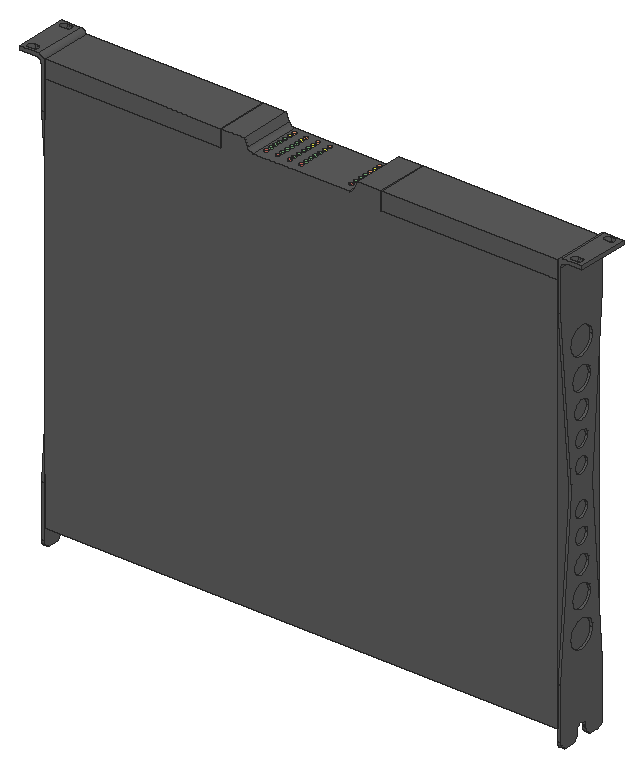
Revit family "Electronics_Community_Biamp_Dante-Amplified-Loudspeaker-Controllers_ALC-3202D", category Communication Devices, host Face, Revit 2020
Family settings
  Host = Face
  Maintain Annotation Orientation = No
  Round Connector Dimension = Use Diameter
  Part Type = Normal
  OmniClass Number = 23.85.10.11.14
  OmniClass Title = Audio Equipment
  Cut with Voids When Loaded = No
  Shared = No
  Room Calculation Point = No
Parameters (values of type "ALC-3202D")
  Width = 442 mm  # constant formula
  Weight = 17.20 lbf  # constant formula
  Voltage = 240 V
  Version = 1
  URL = "https://www.biamp.com/"
  THD+N (from 0.1 W to Full Power) = "< 0.1% (typical < 0.05%)"  # constant formula
  Supported Topologies = "Star"  # constant formula
  Standards Compliance = "Auto-sensing Fast Ethernet (IEEE 802.3u, 100 Mbit/s)"  # constant formula
  Slew Rate = "> 50 V/ μs @ 8Ω, input flter bypassed"  # constant formula
  Signal-to-Noise Ratio 20 Hz- 20 kHz @ 8Ω = ">111 dB(A)"  # constant formula
  Shipping Weight = 25.00 lbf  # constant formula
  Sample Rate Converter = "24-bit @ 44.1 kHz to 192 kHz 140 dB Dynamic Range - 0.0001 % THD+N"  # constant formula
  Remote Interface = "ArmoníaPlus® System Manager"  # constant formula
  Product data url = "https://bimobject.com/biamp/product/alc-3202d_community-amplified-loudspeaker-controller"
  Product Page URL = "https://www.biamp.com/products/product-families/community/amplified-loudspeaker-controllers#alc-3202d"
  Product Documentation Link = "https://downloads.biamp.com/assets/docs/default-source/data-sheets/biamp_data_sheet_community_alc_series_dec21.pdf"
  Power Factor = 1
  Output Channels = "2 Hi-Z or Lo-Z (bridgeable per ch. pair)"  # constant formula
  Operating Voltage = "60-264 V (with reduced power below 90 V)"  # constant formula
  Open control panel [instance] = not(Closed control panel)  # no
  Number of Poles = 1
  Nominal Voltage (± 10%) = "100-240 V @ 50-60Hz"  # constant formula
  Model = "ALC-3202D"  # constant formula
  Memory/Presets = "128 MB (RAM) plus 512 MB fash for presets"  # constant formula
  Maximum Input Level = "20 dBu"  # constant formula
  Max Power Consumption = 755 W
  Manufacturer = "Biamp"  # constant formula
  Limiters = "TruePower™, RMS voltage,RMS current, Peak limiter"  # constant formula
  Latency = "2.5 ms fxed latency architecture"  # constant formula
  Internal Precision = "32-bit foating point"  # constant formula
  Input Sens @8Ω = "26 dB - 5.03, 29 dB - 3.56; 32 dB - 2.52; 35 dB - 1.79"  # constant formula
  Input Impedance = "20 kΩ balanced"  # constant formula
  Input Channels = "Analog - 2;Dante - 2"  # constant formula
  IMD (from 0.1 W to Full Power) = "< 0.05%"  # constant formula
  Housing Material = Biamp - Metal - Black
  Height = 44 mm  # constant formula
  Frequency Response = "20 Hz - 20 kHz ±0.5 dB, 1 W @ 8Ω"  # constant formula
  Equalizer = "Raised-cosine, custom FIR, parametric IIR:peaking, hi/lo-shelving, all-pass, band-pass, band-stop, hi/lo-pass"  # constant formula
  Description = "Amplified Loudspeaker Controllers 2-Channel Units With DSP And Dante®"  # constant formula
  Depth = 373 mm  # constant formula
  Delay = "2 s (input) + 100 ms (output) for signal alignment"  # constant formula
  Date Updated = ""
  Date Created = "2023/08/21"
  Damping Factor = "> 500 @ 8Ω, 20 Hz - 100 Hz"  # constant formula
  Damping Control = "Active DampingControl™ and LiveImpedance™ measurement"  # constant formula
  DA Converters = "24-bit Tandem™ @ 48 kHz 117 dB(A) Dynamic Range - 0.003 % THD+N"  # constant formula
  Crosstalk (1 kHz) = " -70 dB"  # constant formula
  Crossover = "Linear phase (FIR), Butterworth, Linkwitz-Riley, Bessel: 6 dB/oct to 48 dB/oct (IIR)"  # constant formula
  Connector Description = "100-240 VAC, 50/60 Hz"  # constant formula
  Closed control panel [instance] = yes
  Default Elevation = 1219.2 mm
  Apparent Load = Max Power Consumption / Power Factor  # 755 VA
  Ambient Relative Humidity = "0-95% (non-condensing)"  # constant formula
  Ambient Operating Temperature = "0° - 45° C;  32° - 113° F"  # constant formula
  AD Converters = "24-bit Tandem™ @ 48 kHz 125 dB(A) Dynamic Range - 0.005 % THD+N"  # constant formula
  AC Mains Connector = "IEC C20 inlet (20 A max) Region-specifc power cord provided"  # constant formula
Reference planes
  plane 1 "Center (Front/Back)": y = 0
  plane 2: z = 0
  plane 3 "Center (Left/Right)": x = 0
Forms (mm)
  Extrusion 1, solid, material "Biamp - Metal - Black" <- "Housing Material", detail levels coarse
    sketch origin (13.283, -17.315, 0) x (1, 0, 0) y (0, 0, 1)
      loop
        line (-3, 0) -> (-3, -373) -> (0, -373) -> (0, 3) -> (-21, 3) -> (-21, 0) -> (-3, 0)
      loop
        line (439, 0) -> (457, 0) -> (457, 3) -> (436, 3) -> (436, -373) -> (439, -373) -> (439, 0)
    from -22 to 22
  Extrusion 2, void
    sketch origin (13.283, -17.315, 0) x (1, 0, 0) y (0, 1, 0)
      loop
        arc (-15.029, 20.217) -> (-17.932, 17.315) -> (-15.029, 14.412) r 2.903
        line (-15.029, 14.412) -> (-11.537, 14.412)
        arc (-11.537, 14.412) -> (-8.634, 17.315) -> (-11.537, 20.217) r 2.903
        line (-11.537, 20.217) -> (-15.029, 20.217)
      loop
        line (-15.029, -20.217) -> (-11.537, -20.217)
        arc (-11.537, -20.217) -> (-8.634, -17.315) -> (-11.537, -14.412) r 2.903
        line (-11.537, -14.412) -> (-15.029, -14.412)
        arc (-15.029, -14.412) -> (-17.932, -17.315) -> (-15.029, -20.217) r 2.903
      loop
        line (451.029, 20.217) -> (447.537, 20.217)
        arc (447.537, 20.217) -> (444.634, 17.315) -> (447.537, 14.412) r 2.903
        line (447.537, 14.412) -> (451.029, 14.412)
        arc (451.029, 14.412) -> (453.932, 17.315) -> (451.029, 20.217) r 2.903
      loop
        arc (451.029, -20.217) -> (453.932, -17.315) -> (451.029, -14.412) r 2.903
        line (451.029, -14.412) -> (447.537, -14.412)
        arc (447.537, -14.412) -> (444.634, -17.315) -> (447.537, -20.217) r 2.903
        line (447.537, -20.217) -> (451.029, -20.217)
    from -10.498 to 3
  Extrusion 3, solid, material "Biamp - Metal - Black" <- "Housing Material", detail levels medium+fine
    sketch origin (13.283, -17.315, 0) x (1, 0, 0) y (0, 0, 1)
      loop
        line (-3, -5) -> (-3, -373) -> (0, -373) -> (0, -2)
        arc (0, -2) -> (-1.464, 1.536) -> (-5, 3) r 5
        line (-5, 3) -> (-21, 3) -> (-21, 0) -> (-8, 0)
        arc (-8, 0) -> (-4.464, -1.464) -> (-3, -5) r 5
      loop
        arc (439, -5) -> (440.464, -1.464) -> (444, 0) r 5
        line (444, 0) -> (457, 0) -> (457, 3) -> (441, 3)
        arc (441, 3) -> (437.464, 1.536) -> (436, -2) r 5
        line (436, -2) -> (436, -373) -> (439, -373) -> (439, -5)
    from -22 to 22
  Extrusion 4, void
    sketch origin (0, 0, 0) x (0, 1, 0) y (0, 0, 1)
      loop
        arc (4.685, -40) -> (-6.911, -181.5) -> (4.685, -323) r 869.15
        line (4.685, -323) -> (4.685, -40)
      loop
        line (-39.315, -40) -> (-39.315, -323)
        arc (-39.315, -323) -> (-27.719, -181.5) -> (-39.315, -40) r 869.15
      loop
        circle (-17.315, -164.722) r 7
      loop
        circle (-17.315, -144.465) r 7
      loop
        circle (-17.315, -122.509) r 8
      loop
        circle (-17.315, -98.493) r 10
      loop
        circle (-17.315, -69.752) r 12
      loop
        circle (-17.315, -198.278) r 7
      loop
        circle (-17.315, -218.535) r 7
      loop
        circle (-17.315, -240.491) r 8
      loop
        circle (-17.315, -264.507) r 10
      loop
        circle (-17.315, -293.248) r 12
      loop
        arc (-33.315, -373) -> (-37.558, -371.243) -> (-39.315, -367) r 6
        line (-39.315, -367) -> (-39.315, -375.253) -> (4.685, -375.253) -> (4.685, -367)
        arc (4.685, -367) -> (2.928, -371.243) -> (-1.315, -373) r 6
        line (-1.315, -373) -> (-6.315, -373)
        arc (-6.315, -373) -> (-10.558, -371.243) -> (-12.315, -367) r 6
        line (-12.315, -367) -> (-12.315, -365.5)
        arc (-12.315, -365.5) -> (-17.315, -360.5) -> (-22.315, -365.5) r 5
        line (-22.315, -365.5) -> (-22.315, -367)
        arc (-22.315, -367) -> (-24.072, -371.243) -> (-28.315, -373) r 6
        line (-28.315, -373) -> (-33.315, -373)
    from 0 to 452.283
  Extrusion 5, solid, material "Biamp - Metal - Black" <- "Housing Material"
    sketch origin (0, 0, 0) x (1, 0, 0) y (0, 0, 1)
      loop
        line (13.283, -15) -> (13.283, -357) -> (449.283, -357) -> (449.283, -15) -> (299.283, -15) -> (299.283, 0) -> (279.283, 0) -> (276.679, -6.444)
        arc (276.679, -6.444) -> (274.839, -8.716) -> (272.043, -9.571) r 5
        line (272.043, -9.571) -> (190.522, -9.571)
        arc (190.522, -9.571) -> (187.727, -8.716) -> (185.887, -6.444) r 5
        line (185.887, -6.444) -> (183.283, 0) -> (163.283, 0) -> (163.283, -15) -> (13.283, -15)
    from -4.685 to 39.315
  Extrusion 6, void
    sketch origin (0, 0, 0) x (1, 0, 0) y (0, 0, 1)
      loop
        line (13.283, -15) -> (13.283, -23.75) -> (49.418, -23.75)
        arc (49.418, -23.75) -> (57.218, -21.357) -> (62.334, -15) r 13.908
        line (62.334, -15) -> (13.283, -15)
    from 2.903 to 31.727
  Extrusion 7, solid, material "Biamp - Metal - Black" <- "Housing Material"
    sketch origin (449.283, -17.315, 3) x (0, 0, -1) y (0, -1, 0)
      loop
        line (18, -22) -> (18, -21) -> (4, -21) -> (4, 21) -> (18, 21) -> (18, 22) -> (3, 22) -> (3, -22) -> (18, -22)
    from 0 to 150
  Extrusion 8, void
    sketch origin (13.283, 0, -23.75) x (1, 0, 0) y (0, 1, 0)
      loop
        line (19.04, -19.656) -> (19.04, -27.656) -> (31.04, -27.656) -> (31.04, -19.656) -> (19.04, -19.656)
    from -3.386 to 0
  Extrusion 9, solid, material "Biamp - Metal - Black" <- "Housing Material", visible <- "Closed control panel"
    sketch origin (13.283, -17.315, 3) x (0, 0, -1) y (0, 1, 0)
      loop
        line (18, 22) -> (3, 22) -> (3, -22) -> (18, -22) -> (18, -21) -> (4, -21) -> (4, 21) -> (18, 21) -> (18, 22)
    from 0 to 150
  Extrusion 10, solid, material "Biamp - Plastic - Blue"
    sketch origin (18.908, 0, -15) x (1, 0, 0) y (0, 1, 0)
      loop
        circle (68.38, -26.221) r 5
      loop
        circle (82.13, -26.221) r 5
    from -1.651 to 1
  Extrusion 11, void
    sketch origin (93.283, 0, -357) x (0, 1, 0) y (1, 0, 0)
      loop
        line (-8.944, 340.535) -> (-25.686, 340.535)
        arc (-25.686, 340.535) -> (-29.221, 339.07) -> (-30.686, 335.535) r 5
        line (-30.686, 335.535) -> (-30.686, 313.66)
        arc (-30.686, 313.66) -> (-29.221, 310.124) -> (-25.686, 308.66) r 5
        line (-25.686, 308.66) -> (-8.944, 308.66)
        arc (-8.944, 308.66) -> (-5.408, 310.124) -> (-3.944, 313.66) r 5
        line (-3.944, 313.66) -> (-3.944, 335.535)
        arc (-3.944, 335.535) -> (-5.408, 339.07) -> (-8.944, 340.535) r 5
      loop
        line (-19.863, -58.78) -> (-19.863, -38.78) -> (-34.863, -38.78) -> (-34.863, -58.78) -> (-19.863, -58.78)
      loop
        line (-19.863, -24.895) -> (-19.863, -4.895) -> (-34.863, -4.895) -> (-34.863, -24.895) -> (-19.863, -24.895)
      loop
        line (-11.738, 53.136) -> (-11.738, 24.636)
        arc (-11.738, 24.636) -> (-12.324, 23.222) -> (-13.738, 22.636) r 2
        line (-13.738, 22.636) -> (-25.757, 22.636)
        arc (-25.757, 22.636) -> (-27.171, 23.222) -> (-27.757, 24.636) r 2
        line (-27.757, 24.636) -> (-27.757, 53.136)
        arc (-27.757, 53.136) -> (-27.171, 54.55) -> (-25.757, 55.136) r 2
        line (-25.757, 55.136) -> (-13.813, 55.136)
        arc (-13.813, 55.136) -> (-12.399, 54.55) -> (-11.813, 53.136) r 2
      loop
        line (-21.752, 162.208) -> (-21.752, 133.708)
        arc (-21.752, 133.708) -> (-22.337, 132.294) -> (-23.752, 131.708) r 2
        line (-23.752, 131.708) -> (-33.895, 131.708)
        arc (-33.895, 131.708) -> (-35.31, 132.294) -> (-35.895, 133.708) r 2
        line (-35.895, 133.708) -> (-35.895, 162.208)
        arc (-35.895, 162.208) -> (-35.31, 163.622) -> (-33.895, 164.208) r 2
        line (-33.895, 164.208) -> (-23.826, 164.208)
        arc (-23.826, 164.208) -> (-22.412, 163.622) -> (-21.826, 162.208) r 2
    from -7.387 to 0
  Sweep 12, solid, material "Biamp - Plastic - Blue"
    path in 3D
      loop
        arc (433.818, -25.686, -349.613) -> (432.353, -29.221, -349.613) -> (428.818, -30.686, -349.613) r 5
        line (428.818, -30.686, -349.613) -> (406.943, -30.686, -349.613)
        arc (406.943, -30.686, -349.613) -> (403.407, -29.221, -349.613) -> (401.943, -25.686, -349.613) r 5
        line (401.943, -25.686, -349.613) -> (401.943, -8.944, -349.613)
        arc (401.943, -8.944, -349.613) -> (403.407, -5.408, -349.613) -> (406.943, -3.944, -349.613) r 5
        line (406.943, -3.944, -349.613) -> (428.818, -3.944, -349.613)
        arc (428.818, -3.944, -349.613) -> (432.353, -5.408, -349.613) -> (433.818, -8.944, -349.613) r 5
        line (433.818, -8.944, -349.613) -> (433.818, -25.686, -349.613)
    profile origin (433.818, -17.315, -349.613) x (-1, 0, 0) y (0, 0, -1)
      loop
        line (0, 0) -> (0.894, 0) -> (0.894, 9.233) -> (-0.711, 9.233)
        arc (-0.711, 9.233) -> (-1.86, 8.654) -> (-2.078, 7.387) r 1.429
        line (-2.078, 7.387) -> (0, 7.387) -> (0, 0)
  Extrusion 13, solid, material "Biamp - Plastic - Green"
    sketch origin (93.283, 0, -357) x (0, 1, 0) y (1, 0, 0)
      loop
        line (-8.613, -58.78) -> (-1.039, -58.78) -> (-1.039, -31.838) -> (-8.613, -31.838) -> (-8.613, -58.78)
    from 0 to 3
  Extrusion 14, solid, material "Biamp - Plastic - Green"
    sketch origin (87.446, 0, -357) x (0, -1, 0) y (-1, 0, 0)
      loop
        line (8.613, -54.585) -> (8.613, -34.86) -> (1.039, -34.86) -> (1.039, -54.585) -> (8.613, -54.585)
    from 0 to 3
  Extrusion 15, solid, material "Biamp - Plastic - Green"
    sketch origin (127.496, -5.13, -357) x (0, -1, 0) y (-1, 0, 0)
      loop
        line (8.613, -58.78) -> (8.613, -31.838) -> (1.039, -31.838) -> (1.039, -58.78) -> (8.613, -58.78)
    from 0 to 3
  Extrusion 16, solid, material "Biamp - Plastic - Green"
    sketch origin (127.496, -20.13, -357) x (0, -1, 0) y (-1, 0, 0)
      loop
        line (8.613, -58.78) -> (8.613, -31.838) -> (1.039, -31.838) -> (1.039, -58.78) -> (8.613, -58.78)
    from 0 to 3
  Extrusion 17, solid, material "Biamp - Plastic - Green"
    sketch origin (191.245, -2.513, -357) x (0, -1, 0) y (-1, 0, 0)
      loop
        line (14.863, -68.155) -> (14.863, -31.838) -> (1.039, -31.838) -> (1.039, -68.155) -> (14.863, -68.155)
    from 0 to 3
  Extrusion 18, void
    sketch origin (319.472, -15.155, -357) x (0, -1, 0) y (-1, 0, 0)
      loop
        line (19.863, -65.155) -> (19.863, -55.655) -> (5.951, -55.655) -> (5.951, -68.155) -> (16.863, -68.155)
        arc (16.863, -68.155) -> (18.985, -67.276) -> (19.863, -65.155) r 3
      loop
        line (-5.961, -68.155) -> (4.951, -68.155) -> (4.951, -55.655) -> (-8.961, -55.655) -> (-8.961, -65.155)
        arc (-8.961, -65.155) -> (-8.082, -67.276) -> (-5.961, -68.155) r 3
      loop
        line (-8.961, -6.155) -> (-8.961, -15.655) -> (4.951, -15.655) -> (4.951, -3.155) -> (-5.961, -3.155)
        arc (-5.961, -3.155) -> (-8.082, -4.034) -> (-8.961, -6.155) r 3
      loop
        line (16.863, -3.155) -> (5.951, -3.155) -> (5.951, -15.655) -> (19.863, -15.655) -> (19.863, -6.155)
        arc (19.863, -6.155) -> (18.985, -4.034) -> (16.863, -3.155) r 3
      loop
        line (19.863, -54.655) -> (19.863, -42.655) -> (5.951, -42.655) -> (5.951, -54.655) -> (19.863, -54.655)
      loop
        line (19.863, -41.655) -> (19.863, -29.655) -> (5.951, -29.655) -> (5.951, -41.655) -> (19.863, -41.655)
      loop
        line (19.863, -28.655) -> (19.863, -16.655) -> (5.951, -16.655) -> (5.951, -28.655) -> (19.863, -28.655)
      loop
        line (4.951, -54.655) -> (4.951, -42.655) -> (-8.961, -42.655) -> (-8.961, -54.655) -> (4.951, -54.655)
      loop
        line (4.951, -41.655) -> (4.951, -29.655) -> (-8.961, -29.655) -> (-8.961, -41.655) -> (4.951, -41.655)
      loop
        line (4.951, -28.655) -> (4.951, -16.655) -> (-8.961, -16.655) -> (-8.961, -28.655) -> (4.951, -28.655)
    from -23.564 to 2
  Extrusion 19, void
    sketch origin (18.908, 0, -15) x (1, 0, 0) y (0, 1, 0)
      loop
        circle (68.38, -26.221) r 5.2
      loop
        circle (82.13, -26.221) r 5.2
    from -1.651 to 2
  Extrusion 20, solid, material "Biamp - Plastic - White"
    sketch origin (93.283, 0, -349.613) x (-1, 0, 0) y (0, 1, 0)
      loop
        arc (-49.948, -21.57) -> (-49.655, -22.277) -> (-48.948, -22.57) r 1
        line (-48.948, -22.57) -> (-28.823, -22.57)
        arc (-28.823, -22.57) -> (-28.116, -22.277) -> (-27.823, -21.57) r 1
        line (-27.823, -21.57) -> (-27.823, -17.926)
        arc (-27.823, -17.926) -> (-28.116, -17.219) -> (-28.823, -16.926) r 1
        line (-28.823, -16.926) -> (-48.948, -16.926)
        arc (-48.948, -16.926) -> (-49.655, -17.219) -> (-49.948, -17.926) r 1
        line (-49.948, -17.926) -> (-49.948, -21.57)
      loop
        arc (-159.021, -30.645) -> (-158.728, -31.353) -> (-158.021, -31.645) r 1
        line (-158.021, -31.645) -> (-137.896, -31.645)
        arc (-137.896, -31.645) -> (-137.189, -31.353) -> (-136.896, -30.645) r 1
        line (-136.896, -30.645) -> (-136.896, -27.002)
        arc (-136.896, -27.002) -> (-137.189, -26.295) -> (-137.896, -26.002) r 1
        line (-137.896, -26.002) -> (-158.021, -26.002)
        arc (-158.021, -26.002) -> (-158.728, -26.295) -> (-159.021, -27.002) r 1
        line (-159.021, -27.002) -> (-159.021, -30.645)
    from 0 to 2.226
  Extrusion 21, solid, material "Biamp - Plastic - Orange", detail levels medium+fine
    sketch origin (190.354, 3.125, -9.571) x (1, 0, 0) y (0, 1, 0)
      loop
        circle (4.333, -3.944) r 1.5
      loop
        circle (14.333, -3.944) r 1.5
      loop
        circle (24.333, -3.944) r 1.5
      loop
        circle (34.333, -3.944) r 1.5
    from 0 to 0.3
  Extrusion 22, solid, material "Biamp - Plastic - Yellow", detail levels medium+fine
    sketch origin (190.354, -1.875, -9.571) x (1, 0, 0) y (0, 1, 0)
      loop
        circle (4.333, -3.944) r 1.5
      loop
        circle (14.333, -3.944) r 1.5
      loop
        circle (24.333, -3.944) r 1.5
      loop
        circle (34.333, -3.944) r 1.5
    from 0 to 0.3
  Extrusion 23, solid, material "Biamp - Plastic - Green", detail levels medium+fine
    sketch origin (190.354, -6.875, -9.571) x (1, 0, 0) y (0, 1, 0)
      loop
        circle (4.333, -3.944) r 1.5
      loop
        circle (14.333, -3.944) r 1.5
      loop
        circle (24.333, -3.944) r 1.5
      loop
        circle (34.333, -3.944) r 1.5
    from 0 to 0.3
  Extrusion 24, solid, material "Biamp - Plastic - Green", detail levels medium+fine
    sketch origin (190.354, -11.875, -9.571) x (1, 0, 0) y (0, 1, 0)
      loop
        circle (4.333, -3.944) r 1.5
      loop
        circle (14.333, -3.944) r 1.5
      loop
        circle (24.333, -3.944) r 1.5
      loop
        circle (34.333, -3.944) r 1.5
    from 0 to 0.3
  Extrusion 25, solid, material "Biamp - Plastic - Green", detail levels medium+fine
    sketch origin (190.354, -16.875, -9.571) x (1, 0, 0) y (0, 1, 0)
      loop
        circle (4.333, -3.944) r 1.5
      loop
        circle (14.333, -3.944) r 1.5
      loop
        circle (24.333, -3.944) r 1.5
      loop
        circle (34.333, -3.944) r 1.5
    from 0 to 0.3
  Extrusion 26, solid, material "Biamp - Plastic - Green", detail levels medium+fine
    sketch origin (190.354, -21.875, -9.571) x (1, 0, 0) y (0, 1, 0)
      loop
        circle (4.333, -3.944) r 1.5
      loop
        circle (14.333, -3.944) r 1.5
      loop
        circle (24.333, -3.944) r 1.5
      loop
        circle (34.333, -3.944) r 1.5
    from 0 to 0.3
  Extrusion 27, solid, material "Biamp - Plastic - Red", detail levels medium+fine
    sketch origin (190.354, -26.875, -9.571) x (1, 0, 0) y (0, 1, 0)
      loop
        circle (4.333, -3.944) r 1.5
      loop
        circle (14.333, -3.944) r 1.5
      loop
        circle (24.333, -3.944) r 1.5
      loop
        circle (34.333, -3.944) r 1.5
    from 0 to 0.3
  Extrusion 28, solid, material "Biamp - Plastic - Green", detail levels medium+fine
    sketch origin (190.354, 3.125, -9.571) x (1, 0, 0) y (0, 1, 0)
      loop
        circle (76.833, -18.944) r 1.5
      loop
        circle (76.833, -23.944) r 1.5
      loop
        circle (76.833, -28.944) r 1.5
    from 0 to 0.3
  Extrusion 29, solid, material "Biamp - Plastic - Orange", detail levels medium+fine
    sketch origin (190.354, 3.125, -9.571) x (1, 0, 0) y (0, 1, 0)
      loop
        circle (76.833, -3.944) r 1.5
      loop
        circle (76.833, -13.944) r 1.5
    from 0 to 0.3
  Extrusion 30, solid, material "Biamp - Plastic - Yellow", detail levels medium+fine
    sketch origin (190.354, 3.125, -9.571) x (1, 0, 0) y (0, 1, 0)
      loop
        circle (76.833, -8.944) r 1.5
    from 0 to 0.3
  Extrusion 31, solid, material "Biamp - Plastic - Red", detail levels medium+fine
    sketch origin (190.354, 3.125, -9.571) x (1, 0, 0) y (0, 1, 0)
      loop
        circle (76.833, -33.944) r 1.5
    from 0 to 0.3
Cuts and joins
  Extrusion 2 cuts Extrusion 1
  Extrusion 2, Extrusion 4 cuts Extrusion 3
  Extrusion 6, Extrusion 8, Extrusion 11, Extrusion 18, Extrusion 19 cuts Extrusion 5
Lines and regions (mm)
  Masking region 1
    outline origin (0, 0, 0) x (1, 0, 0) y (0, 1, 0)
      loop
        line (-7.717, 4.685) -> (-7.717, -39.315) -> (13.283, -39.315) -> (13.283, 4.685) -> (-7.717, 4.685)
      loop
        line (1.746, 2.903) -> (-1.746, 2.903)
        arc (-1.746, 2.903) -> (-4.649, 0) -> (-1.746, -2.903) r 2.903
        line (-1.746, -2.903) -> (1.746, -2.903)
        arc (1.746, -2.903) -> (4.649, 0) -> (1.746, 2.903) r 2.903
      loop
        line (1.746, -31.727) -> (-1.746, -31.727)
        arc (-1.746, -31.727) -> (-4.649, -34.63) -> (-1.746, -37.532) r 2.903
        line (-1.746, -37.532) -> (1.746, -37.532)
        arc (1.746, -37.532) -> (4.649, -34.63) -> (1.746, -31.727) r 2.903
      loop
        line (470.283, 4.685) -> (449.283, 4.685) -> (449.283, -39.315) -> (470.283, -39.315) -> (470.283, 4.685)
      loop
        arc (460.82, 2.903) -> (457.917, 0) -> (460.82, -2.903) r 2.903
        line (460.82, -2.903) -> (464.312, -2.903)
        arc (464.312, -2.903) -> (467.215, 0) -> (464.312, 2.903) r 2.903
        line (464.312, 2.903) -> (460.82, 2.903)
      loop
        arc (460.82, -31.727) -> (457.917, -34.63) -> (460.82, -37.532) r 2.903
        line (460.82, -37.532) -> (464.312, -37.532)
        arc (464.312, -37.532) -> (467.215, -34.63) -> (464.312, -31.727) r 2.903
        line (464.312, -31.727) -> (460.82, -31.727)
  Masking region 2, visible <- "Closed control panel"
    outline origin (0, 0, 0) x (1, 0, 0) y (0, 1, 0)
      loop
        line (13.283, 4.685) -> (13.283, -39.315) -> (163.283, -39.315) -> (163.283, 4.685) -> (13.283, 4.685)
  Masking region 3
    outline origin (0, 0, 0) x (1, 0, 0) y (0, 1, 0)
      loop
        line (163.283, 4.685) -> (163.283, -39.315) -> (183.283, -39.315) -> (183.283, 4.685) -> (163.283, 4.685)
      loop
        line (279.283, 4.685) -> (279.283, -39.315) -> (299.283, -39.315) -> (299.283, 4.685) -> (279.283, 4.685)
  Masking region 4
    outline origin (0, 0, 0) x (1, 0, 0) y (0, 1, 0)
      loop
        line (183.283, 4.685) -> (183.283, -39.315) -> (279.283, -39.315) -> (279.283, 4.685) -> (183.283, 4.685)
  Masking region 5
    outline origin (0, 0, 0) x (1, 0, 0) y (0, 1, 0)
      loop
        line (299.283, 4.685) -> (299.283, -39.315) -> (449.283, -39.315) -> (449.283, 4.685) -> (299.283, 4.685)
  Masking region 6, visible <- "Open control panel"
    outline origin (0, 0, 0) x (1, 0, 0) y (0, 1, 0)
      loop
        line (13.283, -2.903) -> (13.283, -31.727) -> (62.334, -31.727) -> (62.334, -2.903) -> (13.283, -2.903)
      loop
        line (32.323, -19.656) -> (32.323, -27.656) -> (44.323, -27.656) -> (44.323, -19.656) -> (32.323, -19.656)
      loop
        circle (87.288, -26.221) r 5.2
      loop
        circle (101.038, -26.221) r 5.2
      loop
        circle (114.788, -26.221) r 5.2
      loop
        circle (128.538, -26.221) r 5.2
  Masking region 7, visible <- "Open control panel"
    outline origin (0, 0, 0) x (1, 0, 0) y (0, 1, 0)
      loop
        line (32.323, -19.656) -> (32.323, -27.656) -> (44.323, -27.656) -> (44.323, -19.656) -> (32.323, -19.656)
  Masking region 8, visible <- "Open control panel"
    outline origin (0, 0, 0) x (1, 0, 0) y (0, 1, 0)
      loop
        line (13.283, 4.685) -> (13.283, -2.903) -> (62.334, -2.903) -> (62.334, -31.727) -> (13.283, -31.727) -> (13.283, -39.315) -> (163.283, -39.315) -> (163.283, 4.685) -> (13.283, 4.685)
      loop
        circle (87.288, -26.221) r 5.2
      loop
        circle (101.038, -26.221) r 5.2
      loop
        circle (114.788, -26.221) r 5.2
      loop
        circle (128.538, -26.221) r 5.2
  Masking region 9, detail levels coarse
    outline origin (0, 0, 0) x (1, 0, 0) y (0, 0, 1)
      loop
        line (470.283, 0) -> (470.283, 3) -> (449.283, 3) -> (449.283, -373) -> (452.283, -373) -> (452.283, 0) -> (470.283, 0)
      loop
        line (10.283, 0) -> (10.283, -373) -> (13.283, -373) -> (13.283, 3) -> (-7.717, 3) -> (-7.717, 0) -> (10.283, 0)
  Masking region 10
    outline origin (0, 0, 0) x (1, 0, 0) y (0, 0, 1)
      loop
        line (449.283, 0) -> (13.283, 0) -> (13.283, -357) -> (449.283, -357) -> (449.283, 0)
  Masking region 11, detail levels medium+fine
    outline origin (0, 0, 0) x (1, 0, 0) y (0, 0, 1)
      loop
        line (452.283, -373) -> (452.283, -5)
        arc (452.283, -5) -> (453.747, -1.464) -> (457.283, 0) r 5
        line (457.283, 0) -> (470.283, 0) -> (470.283, 3) -> (454.283, 3)
        arc (454.283, 3) -> (450.747, 1.536) -> (449.283, -2) r 5
        line (449.283, -2) -> (449.283, -373) -> (452.283, -373)
      loop
        line (10.283, -373) -> (13.283, -373) -> (13.283, -2)
        arc (13.283, -2) -> (11.819, 1.536) -> (8.283, 3) r 5
        line (8.283, 3) -> (-7.717, 3) -> (-7.717, 0) -> (5.283, 0)
        arc (5.283, 0) -> (8.819, -1.464) -> (10.283, -5) r 5
        line (10.283, -5) -> (10.283, -373)
  sketch lines
    curve 1: line (433.818, -8.944, -349.613) -> (433.818, -25.686, -349.613)
    curve 2: arc (433.818, -8.944, -349.613) -> (432.353, -5.408, -349.613) -> (428.818, -3.944, -349.613) r 5
    curve 3: line (406.943, -3.944, -349.613) -> (428.818, -3.944, -349.613)
    curve 4: arc (406.943, -3.944, -349.613) -> (403.407, -5.408, -349.613) -> (401.943, -8.944, -349.613) r 5
    curve 5: line (401.943, -25.686, -349.613) -> (401.943, -8.944, -349.613)
    curve 6: arc (401.943, -25.686, -349.613) -> (403.407, -29.221, -349.613) -> (406.943, -30.686, -349.613) r 5
    curve 7: line (428.818, -30.686, -349.613) -> (406.943, -30.686, -349.613)
    curve 8: arc (428.818, -30.686, -349.613) -> (432.353, -29.221, -349.613) -> (433.818, -25.686, -349.613) r 5
Dimensions and locks
  aligned and locked: plane 2 to host face
  aligned and locked: level to host face
Connectors
  electrical at (38.323, -23.656, -27.136)
    settings: on cut or joined group of Extrusion 5, Extrusion 6, Extrusion 8, Extrusion 11, Extrusion 18, Extrusion 19, index 1, voltage 0 V, apparent load 0 VA, apparent load phase1 0 VA, apparent load phase2 0 VA, apparent load phase3 0 VA, power factor 1, load classification "Other", number of poles 1, system type 5, power factor state 1, is connector primary yes, connector utility no, sub classification motor no, connector description "Reserved For Service Operations connector"
  electrical at (417.88, -17.315, -349.613), driven by "Number of Poles", driven by "Voltage", driven by "Apparent Load", driven by "Power Factor", driven by "Connector Description"
    settings: on Sweep 12, index 2, voltage 240 V, apparent load 755 VA, apparent load phase1 0 VA, apparent load phase2 0 VA, apparent load phase3 0 VA, power factor 1, load classification "Other", number of poles 1, system type 30, power factor state 1, is connector primary no, connector utility no, sub classification motor no, connector description "100-240 VAC, 50/60 Hz"
  electrical at (241.241, -10.465, -360)
    settings: on Extrusion 17, index 4, voltage 0 V, apparent load 0 VA, apparent load phase1 0 VA, apparent load phase2 0 VA, apparent load phase3 0 VA, power factor 1, load classification "Other", number of poles 1, system type 5, power factor state 1, is connector primary no, connector utility no, sub classification motor no, connector description "Output Connector"
  electrical at (241.241, -28.824, -351.839)
    settings: on Extrusion 20, index 6, voltage 0 V, apparent load 0 VA, apparent load phase1 0 VA, apparent load phase2 0 VA, apparent load phase3 0 VA, power factor 1, load classification "Other", number of poles 1, system type 5, power factor state 1, is connector primary no, connector utility no, sub classification motor no, connector description "Output Configuration Dip Switches connector"
  electrical at (172.805, -9.956, -360)
    settings: on Extrusion 15, index 8, voltage 0 V, apparent load 0 VA, apparent load phase1 0 VA, apparent load phase2 0 VA, apparent load phase3 0 VA, power factor 1, load classification "Other", number of poles 1, system type 5, power factor state 1, is connector primary no, connector utility no, sub classification motor no, connector description "Remote Level Connector"
  electrical at (172.805, -24.956, -360)
    settings: on Extrusion 16, index 10, voltage 0 V, apparent load 0 VA, apparent load phase1 0 VA, apparent load phase2 0 VA, apparent load phase3 0 VA, power factor 1, load classification "Other", number of poles 1, system type 5, power factor state 1, is connector primary no, connector utility no, sub classification motor no, connector description "Line Input Connector"
  electrical at (132.169, -4.826, -360)
    settings: on Extrusion 14, index 11, voltage 0 V, apparent load 0 VA, apparent load phase1 0 VA, apparent load phase2 0 VA, apparent load phase3 0 VA, power factor 1, load classification "Other", number of poles 1, system type 5, power factor state 1, is connector primary no, connector utility no, sub classification motor no, connector description "Remote ON/OFF Connector"
  electrical at (132.169, -19.748, -351.839)
    settings: on Extrusion 20, index 12, voltage 0 V, apparent load 0 VA, apparent load phase1 0 VA, apparent load phase2 0 VA, apparent load phase3 0 VA, power factor 1, load classification "Other", number of poles 1, system type 5, power factor state 1, is connector primary no, connector utility no, sub classification motor no, connector description "System Configuration Dip Switches connector"
  electrical at (47.974, -4.826, -360)
    settings: on Extrusion 13, index 14, voltage 0 V, apparent load 0 VA, apparent load phase1 0 VA, apparent load phase2 0 VA, apparent load phase3 0 VA, power factor 1, load classification "Other", number of poles 1, system type 5, power factor state 1, is connector primary no, connector utility no, sub classification motor no, connector description "Alarm connector"
  electrical at (78.388, -27.363, -349.613)
    settings: on cut or joined group of Extrusion 5, Extrusion 6, Extrusion 8, Extrusion 11, Extrusion 18, Extrusion 19, index 15, voltage 0 V, apparent load 0 VA, apparent load phase1 0 VA, apparent load phase2 0 VA, apparent load phase3 0 VA, power factor 1, load classification "Other", number of poles 1, system type 5, power factor state 1, is connector primary no, connector utility no, sub classification motor no, connector description "RJ-45 connector"
  electrical at (44.503, -27.363, -349.613)
    settings: on cut or joined group of Extrusion 5, Extrusion 6, Extrusion 8, Extrusion 11, Extrusion 18, Extrusion 19, index 16, voltage 0 V, apparent load 0 VA, apparent load phase1 0 VA, apparent load phase2 0 VA, apparent load phase3 0 VA, power factor 1, load classification "Other", number of poles 1, system type 5, power factor state 1, is connector primary no, connector utility no, sub classification motor no, connector description "RJ-45 connector"
